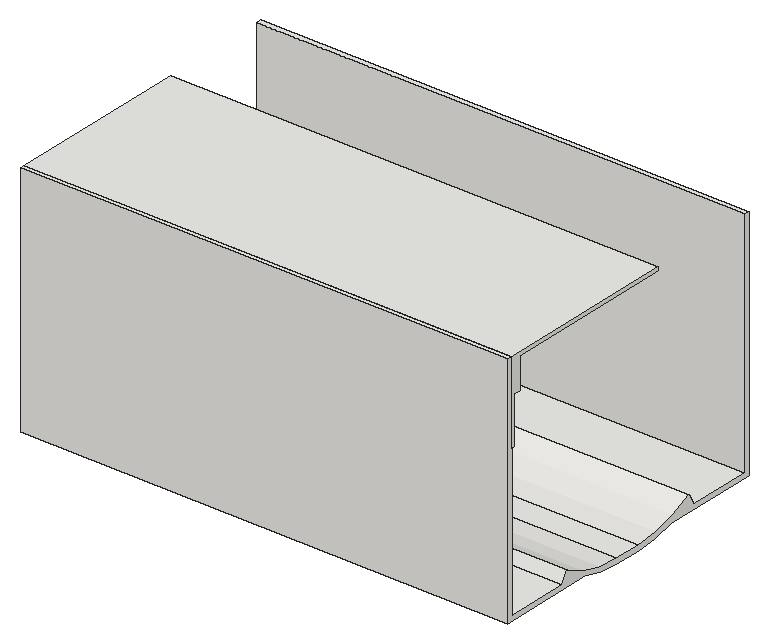
Revit family "Xtech_DécorSystems_CeilingRecess4", category Generic Models, Revit 2014
Parameters (values of type "Perimeos")
  WarrantyStartDate [instance] = "1900-12-31T23:59:59"
  WarrantyGuarantorParts = "info@decorsystems.co.uk"
  WarrantyGuarantorLabor = "info@decorsystems.co.uk"
  WarrantyDurationUnit = "year"
  WarrantyDurationParts = "5"
  WarrantyDurationLabor = "3"
  WarrantyDescription = "http://www.decorsystems.co.uk/pages/manufacturer-s-warranty"
  Version = "1"
  VD - Vertical Drylining [instance] = no
  Uniclass2 = "Pr_35_90_43_12"
  URL = "http://www.decorsystems.co.uk"
  Type Comments = "n/a"
  TagNumber [instance] = "n/a"
  SustainabilityPerformance = "n/a"
  Size = "n/a"
  Shape = "Inverted U channel"
  SerialNumber [instance] = "n/a"
  RightVoidAngle [instance] = 0.00°
  Revision = "n/a"
  ReplacementCost = "n/a"
  ProductInformation = "http://www.decorsystems.co.uk/products/perimeos-ceiling-recess"
  PT - Plain [instance] = no
  OnOffDB [instance] = if(or(Decorative Bridge, [DB & HD - Decorative Bridge], [DB & PT - Decorative Bridge], [DB & VD - Decorative Bridge]), 1 = 1, 0 = 1)  # no
  OnOffCU [instance] = if(or([CU - Curtain Track], [CU & HD - Curtain Track], [CU & PT - Curtain Track], [CU & VD - Curtain Track]), 1 = 1, 0 = 1)  # no
  NominalWidth = 130 mm
  NominalLength = 0 mm
  NominalHeight = 100 mm
  Name = "CeilingRecess_Perimeos_DecorSystems"
  NBSTypeID = "n/a"
  NBSReference = "45-75-95/405"
  NBSOfficeMasterTag = "n/a"
  NBSNote = "n/a"
  NBSDescription = "GeneralFittings,FurnishingsAndEquipmentSystem"
  NBSCertification = "n/a"
  ModelReference = "n/a"
  ModelNumber = "PRM01"
  Model = "n/a"
  Material = "Aluminium 6063 Alloy T6"
  ManufacturerURL = "http://www.decorsystems.co.uk/products/perimeos-ceiling-recess"
  ManufacturerName = "DecorSystems"
  Manufacturer = "info@decorsystems.co.uk"
  built-in parameter 1001306 [instance] = 200 mm
  LeftVoidAngle [instance] = 0.00°
  Keynote = "n/a"
  InstallationDate [instance] = "1900-12-31T23:59:59"
  IfcExportType = "DoorWindowShadingType"
  IfcExportAs = "IfcFurnishingElement"
  HD - Horizontal Drylining [instance] = no
  Grade = "n/a"
  Finish = "Polyester powder coated"
  Features = "Locking closure flap, SpeedClip blind mounting brackets. Note the PT (Plain Transition) can be used for drylining, or alternatively on top of box to fit to wall. Note that the beam must be supported at 1 metre intervals with the suspension bracket, as detailed in specification PDF"
  FP - Facia Profile [instance] = no
  ExpectedLife = "30"
  DurationUnit = "year"
  Description = "Perimeos Ceiling Recess for blinds and curtains"
  DB & VD - Decorative Bridge [instance] = no
  DB & PT - Decorative Bridge [instance] = no
  DB & HD - Decorative Bridge [instance] = no
  Decorative Bridge [instance] = no
  Cost = 0
  CU & HD - Curtain Track [instance] = no
  Constituents = "Ceiling Recess, with closure flap and interchangeable transition profiles"
  Color = "RAL 9016 Satin"
  CodePerformance = "n/a"
  Category = "Pr_35_90_43_12:CeilingPerimeterTrims"
  CU & VD - Curtain Track [instance] = no
  CU & PT - Curtain Track [instance] = no
  CU - Curtain Track [instance] = no
  CL - Closure [instance] = yes
  BodyMaterial [instance] = Xtech_DécorSystems_AluminiumAlloy_White_RAL9016
  BarCode [instance] = "n/a"
  BIMObjectName = "Xtech_DecorSystems_CeilingRecess_Perimeos"
  Author = "Excitech"
  AssetType = "Fixed"
  AssetIdentifier [instance] = "n/a"
  Assembly Code = "E2010310"
  AccessibilityPerformance = "n/a"
Reference planes
  plane 1 "Center (Front/Back)": y = 0
  plane 2: z = 0
  plane 3 "Left": x = 0
  plane 4 "Right": x = 200
  plane 5: y = -126.25
Lines and regions (mm)
  reference lines
    curve 1: line (0, 0, 0) -> (200, 0, 0)
Dimensions and locks
  "built-in parameter 1001306": plane 3 "Left" to plane 4 "Right"
  aligned and locked: plane 4 "Right" to curve 1
  aligned and locked: plane 1 "Center (Front/Back)" to curve 1
  aligned and locked: level to plane 2
  aligned and locked: nested 3 to nested 1
  aligned and locked: plane 5 to nested 4
  aligned and locked: nested 3 to nested 4
  aligned and locked: plane 5 to nested 5
  aligned and locked: nested 5 to plane 3 "Left"
  aligned and locked: plane 5 to nested 6
  aligned and locked: nested 7 to plane 5
  aligned and locked: plane 3 "Left" to nested 7
  aligned and locked: plane 3 "Left" to nested 8
  aligned and locked: nested 8 to plane 5
Automatic sketch dimensions
  curve 1 to plane 3 "Left" = 0 mm
Nested families
  nested 1: "Xtech_DécorSystems_MainProfile" at (0, -129, 0) x (1, 0, 0) z (0, 0, -1), Length <- "built-in parameter 1001306", RightVoidAngle <- "RightVoidAngle", LeftVoidAngle <- "LeftVoidAngle", type "MP"
    with WarrantyStartDate "1900-12-31T23:59:59", TagNumber "n/a", SerialNumber "n/a", RightVoidAngle 0.00°, Length 200 mm, LeftVoidAngle 0.00°, InstallationDate "1900-12-31T23:59:59", BarCode "n/a", AssetIdentifier "n/a"
  nested 2: "Xtech_DécorSystems_FasciaProfile" at (0, -126.25, 0) x (1, 0, 0) z (0, 0, -1), Length <- "built-in parameter 1001306", visible <- "FP - Facia Profile", RightVoidAngle <- "RightVoidAngle", LeftVoidAngle <- "LeftVoidAngle", type "FP"
    with WarrantyStartDate "1900-12-31T23:59:59", TagNumber "n/a", SerialNumber "n/a", RightVoidAngle 0.00°, Length 200 mm, LeftVoidAngle 0.00°, InstallationDate "1900-12-31T23:59:59", BarCode "n/a", AssetIdentifier "n/a"
  nested 3: "Xtech_DécorSystems_Closure" at (0, -49.25, 0) x (1, 0, 0) z (0, 0, -1), Length <- "built-in parameter 1001306", visible <- "CL - Closure", LeftVoidAngle <- "LeftVoidAngle", RightVoidAngle <- "RightVoidAngle", type "CL"
    with WarrantyStartDate "1900-12-31T23:59:59", TagNumber "n/a", SerialNumber "n/a", RightVoidAngle 0.00°, Length 200 mm, LeftVoidAngle 0.00°, InstallationDate "1900-12-31T23:59:59", BarCode "n/a", AssetIdentifier "n/a"
  nested 4: "Xtech_DécorSystems_HorizontalDrylining" at (0, -126.25, 0) x (1, 0, 0) z (0, 0, -1), Length <- "built-in parameter 1001306", visible <- "HD - Horizontal Drylining", RightVoidAngle <- "RightVoidAngle", LeftVoidAngle <- "LeftVoidAngle", type "HD"
    with WarrantyStartDate "1900-12-31T23:59:59", TagNumber "n/a", SerialNumber "n/a", RightVoidAngle 0.00°, Length 200 mm, LeftVoidAngle 0.00°, InstallationDate "1900-12-31T23:59:59", BarCode "n/a", AssetIdentifier "n/a"
  nested 5: "Xtech_DécorSystems_Plain" at (0, -126.25, 0) x (1, 0, 0) z (0, 0, -1), visible <- "PT - Plain", Length <- "built-in parameter 1001306", RightVoidAngle <- "RightVoidAngle", LeftVoidAngle <- "LeftVoidAngle", type "PT"
    with WarrantyStartDate "1900-12-31T23:59:59", TagNumber "n/a", SerialNumber "n/a", RightVoidAngle 0.00°, Length 200 mm, LeftVoidAngle 0.00°, InstallationDate "1900-12-31T23:59:59", BarCode "n/a", AssetIdentifier "n/a"
  nested 6: "Xtech_DécorSystems_VerticalDrylining" at (0, -126.25, 0) x (1, 0, 0) z (0, 0, -1), Length <- "built-in parameter 1001306", visible <- "VD - Vertical Drylining", LeftVoidAngle <- "LeftVoidAngle", RightVoidAngle <- "RightVoidAngle", type "VD"
    with WarrantyStartDate "1900-12-31T23:59:59", TagNumber "n/a", SerialNumber "n/a", RightVoidAngle 0.00°, Length 200 mm, LeftVoidAngle 0.00°, InstallationDate "1900-12-31T23:59:59", BarCode "n/a", AssetIdentifier "n/a"
  nested 7: "Xtech_DécorSystems_CurtainTrackAssembly" at (0, -126.25, 0), visible <- "OnOffCU", Length <- "built-in parameter 1001306", VD <- "CU & VD - Curtain Track", PT <- "CU & PT - Curtain Track", HD <- "CU & HD - Curtain Track", RightVoidAngle <- "RightVoidAngle", LeftVoidAngle <- "LeftVoidAngle", type "CU"
    with WarrantyStartDate "1900-12-31T23:59:59", VD no, TagNumber "n/a", SerialNumber "n/a", RightVoidAngle 0.00°, PT no, Length 200 mm, LeftVoidAngle 0.00°, InstallationDate "1900-12-31T23:59:59", HD no, BarCode "n/a", AssetIdentifier "n/a"
  nested 8: "Xtech_DécorSystems_DecorativeBridgeAssembly" at (0, -126.25, 0), Length <- "built-in parameter 1001306", visible <- "OnOffDB", VD <- "DB & VD - Decorative Bridge", PT <- "DB & PT - Decorative Bridge", HD <- "DB & HD - Decorative Bridge", RightVoidAngle <- "RightVoidAngle", LeftVoidAngle <- "LeftVoidAngle", type "DB"
    with WarrantyStartDate "1900-12-31T23:59:59", VD no, TagNumber "n/a", SerialNumber "n/a", RightVoidAngle 0.00°, PT no, NominalLength 1040 mm, Length 200 mm, LeftVoidAngle 0.00°, InstallationDate "1900-12-31T23:59:59", HD no, BarCode "n/a", AssetIdentifier "n/a"
Definition of nested family "Xtech_DécorSystems_MainProfile"
  Parameters (values of type "MP")
    Width = 129 mm  # constant formula
    WarrantyStartDate [instance] = "1900-12-31T23:59:59"
    WarrantyGuarantorParts = "n/a"
    WarrantyGuarantorLabor = "n/a"
    WarrantyDurationUnit = "year"
    WarrantyDurationParts = "n/a"
    WarrantyDurationLabor = "n/a"
    WarrantyDescription = "n/a"
    Version = "1"
    Uniclass2 = ""
    TagNumber [instance] = "n/a"
    SustainabilityPerformance = "n/a"
    Size = "n/a"
    Shape = "n/a"
    SerialNumber [instance] = "n/a"
    RightVoidAngle [instance] = 25.00°
    Revision = "n/a"
    ReplacementCost = "n/a"
    ProductInformation = ""
    NominalWidth = 0 mm
    NominalLength = 0 mm
    NominalHeight = 0 mm
    Name = ""
    NBSTypeID = ""
    NBSReference = ""
    NBSOfficeMasterTag = ""
    NBSNote = ""
    NBSDescription = ""
    NBSCertification = ""
    ModelReference = "n/a"
    ModelNumber = "n/a"
    Material = "n/a"
    ManufacturerURL = ""
    ManufacturerName = ""
    Length [instance] = 4000 mm
    LeftVoidAngle [instance] = 25.00°
    InstallationDate [instance] = "1900-12-31T23:59:59"
    IfcExportType = ""
    IfcExportAs = ""
    Height = 100 mm  # constant formula
    Grade = "n/a"
    Finish = "n/a"
    Features = "n/a"
    ExpectedLife = "n/a"
    DurationUnit = "year"
    Description = "NBS standard template"
    Constituents = "n/a"
    Color = "n/a"
    CodePerformance = "n/a"
    Category = "n/a"
    BodyMaterial = Xtech_DécorSystems_AluminiumAlloy_White_RAL9016
    BarCode [instance] = "n/a"
    BIMObjectName = "Role_Source_Type_Generic"
    Author = ""
    AssetType = ""
    AssetIdentifier [instance] = "n/a"
    AccessibilityPerformance = "n/a"
  Reference planes
    plane 1 "Center (Front/Back)": y = 0
    plane 2: z = 0
    plane 3 "Center (Left/Right)": x = 0
    plane 4 "Right": x = 4000
    plane 5: y = -129
    plane 6 "Top": z = 100
    plane 7: y = -2.75
    plane 8: y = -126.25
    plane 9: y = -124.25
    plane 10: y = -4.75
    plane 11: x = 0
    plane 12: x = -50
    plane 13: x = 4000
    plane 14: x = 4050
  Forms (mm)
    Sweep 1, solid, material "Xtech_DécorSystems_AluminiumAlloy_White_RAL9016" <- "BodyMaterial", detail levels medium+fine
      path origin (0, 0, 0) x (1, 0, 0) y (0, 1, 0)
        loop
          line (0, 0) -> (4000, 0)
      profile origin (2000, 0, 0) x (0, 1, 0) y (0, 0, 1)
        loop
          arc (-42.231, 97.25) -> (-50.504, 99.308) -> (-59, 100) r 52.5
          line (-59, 100) -> (-70, 100)
          arc (-70, 100) -> (-78.496, 99.308) -> (-86.769, 97.25) r 52.5
          line (-86.769, 97.25) -> (-126.25, 97.25) -> (-126.25, 0) -> (-124.25, 0) -> (-124.25, 95.25) -> (-98.215, 95.25) -> (-95.884, 90.862)
          arc (-95.884, 90.862) -> (-83.425, 96.183) -> (-70, 98) r 50.5
          line (-70, 98) -> (-59, 98)
          arc (-59, 98) -> (-45.575, 96.183) -> (-33.116, 90.862) r 50.5
          line (-33.116, 90.862) -> (-30.785, 95.25) -> (-4.75, 95.25) -> (-4.75, 0) -> (-2.75, 0) -> (-2.75, 97.25) -> (-42.231, 97.25)
    Extrusion 2, solid, material "Xtech_DécorSystems_AluminiumAlloy_White_RAL9016" <- "BodyMaterial", detail levels coarse
      sketch origin (0, 0, 0) x (1, 0, 0) y (0, 1, 0)
        loop
          line (0, -129) -> (4000, -129) -> (4000, 0) -> (0, 0) -> (0, -129)
      from 0 to 100
    Extrusion 3, void
      sketch origin (0, 0, 0) x (1, 0, 0) y (0, 1, 0)
        loop
          line (0, -129) -> (60.154, 0) -> (-50, 0) -> (-50, -129) -> (0, -129)
      from 0 to 200
    Extrusion 4, void
      sketch origin (0, 0, 0) x (1, 0, 0) y (0, 1, 0)
        loop
          line (4000, -129) -> (4050, -129) -> (4050, 0) -> (3939.846, 0) -> (4000, -129)
      from 0 to 250
  Cuts and joins
    Extrusion 3, Extrusion 4 cuts Sweep 1
    Extrusion 3, Extrusion 4 cuts Extrusion 2
  Lines and regions (mm)
    Masking region 1
      outline origin (0, 0, 100) x (0, 1, 0) y (-1, 0, 0)
        loop
          line (0, -60.154) -> (-129, 0) -> (-129, -4000) -> (0, -3939.846) -> (0, -60.154)
    Masking region 2
      outline origin (0, 0, 0) x (1, 0, 0) y (0, 0, 1)
        loop
          line (0, 100) -> (0, 0) -> (4000, 0) -> (4000, 100) -> (0, 100)
    Masking region 3, detail levels coarse
      outline origin (0, 0, 0) x (0, 1, 0) y (0, 0, 1)
        loop
          line (0, 100) -> (-129, 100) -> (-129, 0) -> (0, 0) -> (0, 100)
    Masking region 4, detail levels medium+fine
      outline origin (0, 0, 0) x (0, 1, 0) y (0, 0, 1)
        loop
          line (-35.633, 97.25) -> (-35.633, 99) -> (-32.133, 99) -> (-32.133, 100) -> (-37.633, 100) -> (-37.633, 97.25) -> (-42.231, 97.25)
          arc (-42.231, 97.25) -> (-50.504, 99.308) -> (-59, 100) r 52.5
          line (-59, 100) -> (-70, 100)
          arc (-70, 100) -> (-78.496, 99.308) -> (-86.769, 97.25) r 52.5
          line (-86.769, 97.25) -> (-91.367, 97.25) -> (-91.367, 100) -> (-96.867, 100) -> (-96.867, 99) -> (-93.367, 99) -> (-93.367, 97.25) -> (-120.8, 97.25) -> (-120.8, 99) -> (-118.8, 99) -> (-118.8, 100) -> (-122.8, 100) -> (-122.8, 97.25) -> (-129, 97.25) -> (-129, 91.75) -> (-128, 91.75) -> (-128, 95.25) -> (-126.25, 95.25) -> (-126.25, 67.567) -> (-128, 67.567) -> (-128, 69.567) -> (-129, 69.567) -> (-129, 62.067) -> (-128, 62.067) -> (-128, 65.567) -> (-126.25, 65.567) -> (-126.25, 37.883) -> (-128, 37.883) -> (-128, 39.883) -> (-129, 39.883) -> (-129, 32.383) -> (-128, 32.383) -> (-128, 35.883) -> (-126.25, 35.883) -> (-126.25, 8.2) -> (-128, 8.2) -> (-128, 10.2) -> (-129, 10.2) -> (-129, 6.2) -> (-126.25, 6.2) -> (-126.25, 0) -> (-124.25, 0) -> (-124.25, 6.2) -> (-121.5, 6.2) -> (-121.5, 10.2) -> (-122.5, 10.2) -> (-122.5, 8.2) -> (-124.25, 8.2) -> (-124.25, 35.883) -> (-122.5, 35.883) -> (-122.5, 32.383) -> (-121.5, 32.383) -> (-121.5, 39.883) -> (-122.5, 39.883) -> (-122.5, 37.883) -> (-124.25, 37.883) -> (-124.25, 65.567) -> (-122.5, 65.567) -> (-122.5, 62.067) -> (-121.5, 62.067) -> (-121.5, 69.567) -> (-122.5, 69.567) -> (-122.5, 67.567) -> (-124.25, 67.567) -> (-124.25, 95.25) -> (-122.5, 95.25) -> (-122.5, 91.75) -> (-121.5, 91.75) -> (-121.5, 95.25) -> (-91.822, 95.25)
          arc (-91.822, 95.25) -> (-94.358, 94.008) -> (-96.823, 92.63) r 52.5
          line (-96.823, 92.63) -> (-95.884, 90.862)
          arc (-95.884, 90.862) -> (-83.425, 96.183) -> (-70, 98) r 50.5
          line (-70, 98) -> (-59, 98)
          arc (-59, 98) -> (-45.575, 96.183) -> (-33.116, 90.862) r 50.5
          line (-33.116, 90.862) -> (-32.177, 92.63)
          arc (-32.177, 92.63) -> (-34.642, 94.008) -> (-37.178, 95.25) r 52.5
          line (-37.178, 95.25) -> (-7.5, 95.25) -> (-7.5, 91.75) -> (-6.5, 91.75) -> (-6.5, 95.25) -> (-4.75, 95.25) -> (-4.75, 67.567) -> (-6.5, 67.567) -> (-6.5, 69.567) -> (-7.5, 69.567) -> (-7.5, 62.067) -> (-6.5, 62.067) -> (-6.5, 65.567) -> (-4.75, 65.567) -> (-4.75, 37.883) -> (-6.5, 37.883) -> (-6.5, 39.883) -> (-7.5, 39.883) -> (-7.5, 32.383) -> (-6.5, 32.383) -> (-6.5, 35.883) -> (-4.75, 35.883) -> (-4.75, 8.2) -> (-6.5, 8.2) -> (-6.5, 10.2) -> (-7.5, 10.2) -> (-7.5, 6.2) -> (-4.75, 6.2) -> (-4.75, 0) -> (-2.75, 0) -> (-2.75, 6.2) -> (0, 6.2) -> (0, 10.2) -> (-1, 10.2) -> (-1, 8.2) -> (-2.75, 8.2) -> (-2.75, 35.883) -> (-1, 35.883) -> (-1, 32.383) -> (0, 32.383) -> (0, 39.883) -> (-1, 39.883) -> (-1, 37.883) -> (-2.75, 37.883) -> (-2.75, 65.567) -> (-1, 65.567) -> (-1, 62.067) -> (0, 62.067) -> (0, 69.567) -> (-1, 69.567) -> (-1, 67.567) -> (-2.75, 67.567) -> (-2.75, 95.25) -> (-1, 95.25) -> (-1, 91.75) -> (0, 91.75) -> (0, 97.25) -> (-6.2, 97.25) -> (-6.2, 100) -> (-10.2, 100) -> (-10.2, 99) -> (-8.2, 99) -> (-8.2, 97.25) -> (-35.633, 97.25)
    reference lines
      curve 1: line (0, -129, 0) -> (126.785, 142.892, 0)
      curve 2: line (4000, -129, 0) -> (3862.649, 165.55, 0)
  Dimensions and locks
    "Length": plane 4 "Right" to plane 3 "Center (Left/Right)"
    "Width": plane 5 to plane 1 "Center (Front/Back)"
    "Height": plane 6 "Top" to plane 2
    plane 1 "Center (Front/Back)" to Extrusion 2 = 129 mm
    locked: plane 11 to plane 3 "Center (Left/Right)" at 0
    locked: plane 12 to plane 11 at 50
    locked: plane 4 "Right" to plane 13 at 0
    plane 13 to plane 14 = 50 mm
    "LeftVoidAngle": angle curve 1 to plane 11
    "RightVoidAngle": angle plane 13 to curve 2
    aligned and locked: level to plane 2
    aligned and locked: plane 4 "Right" to Sweep 1 sketch curve
    aligned and locked: plane 1 "Center (Front/Back)" to Sweep 1 sketch curve
    aligned and locked: plane 3 "Center (Left/Right)" to Sweep 1 sketch curve
    aligned and locked: Sweep 1 sketch curve to level  (x2)
    aligned and locked: Extrusion 2 sketch curve to plane 3 "Center (Left/Right)"
    aligned and locked: plane 6 "Top" to Extrusion 2
    aligned and locked: plane 1 "Center (Front/Back)" to Masking region 1 sketch curve
    aligned and locked: plane 5 to Masking region 1 sketch curve
    aligned and locked: plane 3 "Center (Left/Right)" to Masking region 2 sketch curve
    aligned and locked: Masking region 2 sketch curve to level
    aligned and locked: Masking region 2 sketch curve to plane 6 "Top"
    aligned and locked: Masking region 3 sketch curve to Extrusion 2  (x4)
    aligned and locked: plane 4 "Right" to Extrusion 2
    aligned and locked: plane 4 "Right" to Masking region 2
    aligned and locked: plane 11 to curve 1
    aligned and locked: plane 5 to curve 1
    aligned and locked: Extrusion 3 sketch curve to curve 1
    aligned and locked: Extrusion 3 sketch curve to plane 1 "Center (Front/Back)"
    aligned and locked: Extrusion 3 sketch curve to plane 12
    aligned and locked: Extrusion 3 sketch curve to plane 5
    aligned and locked: Masking region 1 sketch curve to Extrusion 3
    aligned and locked: Extrusion 4 sketch curve to plane 5
    aligned and locked: Extrusion 4 sketch curve to plane 14
    aligned and locked: Extrusion 4 sketch curve to curve 2
    aligned and locked: Extrusion 4 sketch curve to plane 1 "Center (Front/Back)"
    aligned and locked: Masking region 1 sketch curve to Extrusion 4
  Automatic sketch dimensions
    Sweep 1 sketch curve to Sweep 1 sketch curve = 0 mm  (x5)
    Sweep 1 sketch curve to Sweep 1 sketch curve = 11.446 mm  (x2)
    Sweep 1 sketch curve to Sweep 1 sketch curve = 16.769 mm  (x2)
    Sweep 1 sketch curve to Sweep 1 sketch curve = 2.33 mm  (x2)
    Sweep 1 sketch curve to Sweep 1 sketch curve = 2 mm  (x3)
    Masking region 4 sketch curve to Masking region 4 sketch curve = 0 mm  (x24)
    Masking region 4 sketch curve to plane 5 = 0 mm  (x4)
    Masking region 4 sketch curve to level = 0 mm  (x2)
    Masking region 4 sketch curve to plane 6 "Top" = 0 mm  (x5)
    Masking region 4 sketch curve to plane 1 "Center (Front/Back)" = 0 mm  (x4)
    Masking region 4 sketch curve to Masking region 4 sketch curve = 1 mm  (x15)
    plane 5 to Masking region 4 sketch curve = 1 mm
    Masking region 4 sketch curve to Masking region 4 sketch curve = 2.75 mm
    Masking region 4 sketch curve to Masking region 4 sketch curve = 1.75 mm  (x14)
    Masking region 4 sketch curve to Masking region 4 sketch curve = 2 mm  (x36)
    Masking region 4 sketch curve to Masking region 4 sketch curve = 1.45 mm
    Masking region 4 sketch curve to plane 6 "Top" = 1 mm  (x4)
    Masking region 4 sketch curve to Masking region 4 sketch curve = 21.933 mm
    Masking region 4 sketch curve to plane 6 "Top" = 7.37 mm  (x2)
    Masking region 4 sketch curve to Masking region 4 sketch curve = 0.043 mm
    Masking region 4 sketch curve to plane 6 "Top" = 9.138 mm  (x2)
    Masking region 4 sketch curve to Masking region 4 sketch curve = 0.939 mm  (x2)
    Masking region 4 sketch curve to Masking region 4 sketch curve = 3.5 mm  (x11)
    Masking region 4 sketch curve to Masking region 4 sketch curve = 1.545 mm
    Masking region 4 sketch curve to Masking region 4 sketch curve = 4.598 mm  (x2)
    Masking region 4 sketch curve to plane 6 "Top" = 2 mm
    Masking region 4 sketch curve to Masking region 4 sketch curve = 16.769 mm  (x2)
    Masking region 4 sketch curve to Masking region 4 sketch curve = 11 mm
    Masking region 4 sketch curve to plane 6 "Top" = 2.75 mm
    Masking region 4 sketch curve to Masking region 4 sketch curve = 0.455 mm
    plane 1 "Center (Front/Back)" to Masking region 4 sketch curve = 10.2 mm
    plane 1 "Center (Front/Back)" to Masking region 4 sketch curve = 7.5 mm  (x3)
    Masking region 4 sketch curve to Masking region 4 sketch curve = 0.7 mm
    plane 1 "Center (Front/Back)" to Masking region 4 sketch curve = 4.75 mm
    plane 1 "Center (Front/Back)" to Masking region 4 sketch curve = 1 mm  (x6)
    level to Masking region 4 sketch curve = 6.2 mm  (x2)
    Masking region 4 sketch curve to Masking region 4 sketch curve = 22.183 mm  (x4)
    Masking region 4 sketch curve to plane 6 "Top" = 8.25 mm
    plane 4 "Right" to Extrusion 2 sketch curve = 0 mm
    plane 4 "Right" to Masking region 2 sketch curve = 0 mm
    profile plane to Sweep 1 sketch curve = 2.75 mm
    Sweep 1 sketch curve to Sweep 1 sketch curve = 11 mm
    level to Sweep 1 sketch curve = 47.5 mm
    Sweep 1 sketch curve to Sweep 1 sketch curve = 4.388 mm  (x2)
    Sweep 1 sketch curve to Sweep 1 sketch curve = 28.035 mm
    Sweep 1 sketch curve to Sweep 1 sketch curve = 43.362 mm
    Sweep 1 sketch curve to Sweep 1 sketch curve = 26.035 mm
    Extrusion 2 sketch curve to plane 5 = 0 mm
    plane 1 "Center (Front/Back)" to Extrusion 2 sketch curve = 0 mm
    curve 2 to plane 4 "Right" = 0 mm
    curve 2 to plane 5 = 0 mm
Definition of nested family "Xtech_DécorSystems_FasciaProfile"
  Parameters (values of type "FP")
    Width = 4.7 mm  # constant formula
    WarrantyStartDate [instance] = "1900-12-31T23:59:59"
    WarrantyGuarantorParts = "n/a"
    WarrantyGuarantorLabor = "n/a"
    WarrantyDurationUnit = "year"
    WarrantyDurationParts = "n/a"
    WarrantyDurationLabor = "n/a"
    WarrantyDescription = "n/a"
    Version = "1"
    Uniclass2 = ""
    TagNumber [instance] = "n/a"
    SustainabilityPerformance = "n/a"
    Size = "n/a"
    Shape = "n/a"
    SerialNumber [instance] = "n/a"
    RightVoidAngle [instance] = 45.00°
    Revision = "n/a"
    ReplacementCost = "n/a"
    ProductInformation = ""
    NominalWidth = 0 mm
    NominalLength = 0 mm
    NominalHeight = 0 mm
    Name = ""
    NBSTypeID = ""
    NBSReference = ""
    NBSOfficeMasterTag = ""
    NBSNote = ""
    NBSDescription = ""
    NBSCertification = ""
    ModelReference = "n/a"
    ModelNumber = "n/a"
    Material = "n/a"
    ManufacturerURL = ""
    ManufacturerName = ""
    Length [instance] = 4000 mm
    LeftVoidAngle [instance] = 45.00°
    InstallationDate [instance] = "1900-12-31T23:59:59"
    IfcExportType = ""
    IfcExportAs = ""
    Height = 94 mm  # constant formula
    Grade = "n/a"
    Finish = "n/a"
    Features = "n/a"
    ExpectedLife = "n/a"
    DurationUnit = "year"
    Description = "NBS standard template"
    Constituents = "n/a"
    Color = "n/a"
    CodePerformance = "n/a"
    Category = "n/a"
    BodyMaterial = Xtech_DécorSystems_AluminiumAlloy_White_RAL9016
    BarCode [instance] = "n/a"
    BIMObjectName = "Role_Source_Type_Generic"
    Author = ""
    AssetType = ""
    AssetIdentifier [instance] = "n/a"
    AccessibilityPerformance = "n/a"
  Reference planes
    plane 1 "Center (Front/Back)": y = 0
    plane 2: z = 0
    plane 3 "Center (Left/Right)": x = 0
    plane 4: z = 94
    plane 5 "Right": x = 4000
    plane 6: y = -4.7
    plane 7: y = 126.3
    plane 8: x = -50
    plane 9: y = 126.3
    plane 10: x = 4050
  Forms (mm)
    Sweep 1, solid, material "Xtech_DécorSystems_AluminiumAlloy_White_RAL9016" <- "BodyMaterial", detail levels medium+fine
      path origin (0, 0, 0) x (1, 0, 0) y (0, 1, 0)
        loop
          line (0, 0) -> (4000, 0)
      profile origin (2000, 0, 0) x (0, 1, 0) y (0, 0, 1)
        loop
          line (-4.7, 0) -> (0, 0) -> (0, 15.958) -> (-3.048, 15.958) -> (-3.048, 94) -> (-4.7, 94) -> (-4.7, 0)
    Extrusion 2, solid, material "Xtech_DécorSystems_AluminiumAlloy_White_RAL9016" <- "BodyMaterial", detail levels coarse
      sketch origin (0, 0, 0) x (0, 1, 0) y (0, 0, 1)
        loop
          line (-4.7, 94) -> (-4.7, 0) -> (-3.048, 0) -> (-3.048, 94) -> (-4.7, 94)
      from 0 to 4000
    Extrusion 3, void
      sketch origin (0, 0, 0) x (1, 0, 0) y (0, 1, 0)
        loop
          line (-50, 126.3) -> (-50, -4.7) -> (131, -4.7) -> (0, 126.3) -> (-50, 126.3)
      from 0 to 120
    Extrusion 4, void
      sketch origin (0, 0, 0) x (1, 0, 0) y (0, 1, 0)
        loop
          line (4000, 126.3) -> (3869, -4.7) -> (4050, -4.7) -> (4050, 126.3) -> (4000, 126.3)
      from 0 to 150
  Cuts and joins
    Extrusion 3, Extrusion 4 cuts Extrusion 2
    Extrusion 3, Extrusion 4 cuts Sweep 1
  Lines and regions (mm)
    Masking region 1, detail levels medium+fine
      outline origin (0, 0, 0) x (0, 1, 0) y (0, 0, 1)
        loop
          line (0, 1.662) -> (-3.048, 1.662) -> (-3.048, 14.295) -> (-1.496, 14.295) -> (-1.496, 9.309) -> (-0.388, 9.309) -> (-0.388, 15.958) -> (-3.048, 15.958) -> (-3.048, 85.135) -> (-0.388, 85.135) -> (-0.388, 91.784) -> (-1.496, 91.784) -> (-1.496, 86.797) -> (-3.048, 86.797) -> (-3.879, 94) -> (-4.7, 94) -> (-4.7, 0) -> (0, 0) -> (0, 1.662)
    Masking region 2, detail levels coarse
      outline origin (0, 0, 0) x (0, 1, 0) y (0, 0, 1)
        loop
          line (-4.7, 94) -> (-4.7, 0) -> (-3.048, 0) -> (-3.048, 94) -> (-4.7, 94)
    symbolic lines
      curve 1: line (131, -4.7, 0) -> (3869, -4.7, 0)
      curve 4: line (129.348, -3.048, 0) -> (131, -4.7, 0)
      curve 5: line (3870.652, -3.048, 0) -> (3869, -4.7, 0)
    reference lines
      curve 2: line (0, 126.3, 0) -> (201.525, -75.225, 0)
      curve 3: line (4000, 126.3, 0) -> (3349.462, -524.238, 0)
  Dimensions and locks
    "Length": plane 3 "Center (Left/Right)" to plane 5 "Right"
    "Height": plane 4 to plane 2
    "Width": plane 1 "Center (Front/Back)" to plane 6
    locked: plane 7 to plane 1 "Center (Front/Back)" at 126.3
    locked: plane 1 "Center (Front/Back)" to plane 9 at 126.3
    locked: plane 8 to plane 3 "Center (Left/Right)" at 50
    locked: plane 5 "Right" to plane 10 at 50
    "LeftVoidAngle": angle plane 3 "Center (Left/Right)" to curve 2
    "RightVoidAngle": angle curve 3 to plane 5 "Right"
    aligned and locked: level to plane 2
    aligned and locked: plane 5 "Right" to Sweep 1 sketch curve
    aligned and locked: plane 3 "Center (Left/Right)" to Sweep 1 sketch curve
    aligned and locked: plane 1 "Center (Front/Back)" to Sweep 1 sketch curve
    aligned and locked: profile plane to Sweep 1 sketch curve  (x2)
    aligned and locked: plane 4 to Sweep 1 sketch curve
    aligned and locked: Extrusion 2 sketch curve to plane 4
    aligned and locked: level to Extrusion 2 sketch curve
    aligned and locked: Extrusion 2 sketch curve to Sweep 1
    aligned and locked: plane 5 "Right" to Extrusion 2
    aligned and locked: Extrusion 2 to plane 3 "Center (Left/Right)"
    aligned and locked: Masking region 2 sketch curve to plane 6
    aligned and locked: plane 6 to Masking region 1 sketch curve
    aligned and locked: Extrusion 2 sketch curve to plane 6
    aligned and locked: plane 6 to Sweep 1 sketch curve
    aligned and locked: curve 1 to plane 6
    aligned and locked: plane 9 to curve 2
    aligned and locked: plane 3 "Center (Left/Right)" to curve 2
    aligned and locked: Extrusion 3 sketch curve to plane 8
    aligned and locked: Extrusion 3 sketch curve to plane 9
    aligned and locked: Extrusion 3 sketch curve to curve 2
    aligned and locked: Extrusion 3 sketch curve to plane 6
    aligned and locked: plane 9 to curve 3
    aligned and locked: plane 5 "Right" to curve 3
    aligned and locked: Extrusion 4 sketch curve to curve 3
    aligned and locked: Extrusion 4 sketch curve to plane 9
    aligned and locked: Extrusion 4 sketch curve to plane 10
    aligned and locked: cut or joined group of Sweep 1, Extrusion 3, Extrusion 4 to Extrusion 4 sketch curve
    aligned and locked: curve 3 to curve 1
    aligned and locked: curve 3 to curve 5
    aligned and locked: plane 6 to curve 5
    aligned and locked: curve 4 to cut or joined group of Sweep 1, Extrusion 3, Extrusion 4
    aligned and locked: cut or joined group of Sweep 1, Extrusion 3, Extrusion 4 to curve 4
    aligned and locked: curve 5 to cut or joined group of Sweep 1, Extrusion 3, Extrusion 4
  Automatic sketch dimensions
    Masking region 1 sketch curve to level = 0 mm
    Masking region 1 sketch curve to plane 4 = 0 mm
    Masking region 1 sketch curve to plane 1 "Center (Front/Back)" = 0 mm
    plane 1 "Center (Front/Back)" to Masking region 1 sketch curve = 0.388 mm  (x2)
    Masking region 1 sketch curve to Masking region 1 sketch curve = 1.108 mm
    plane 1 "Center (Front/Back)" to Masking region 1 sketch curve = 1.496 mm
    plane 6 to Masking region 1 sketch curve = 1.652 mm  (x2)
    Masking region 1 sketch curve to Masking region 1 sketch curve = 1.551 mm
    plane 6 to Masking region 1 sketch curve = 0.821 mm
    level to Masking region 1 sketch curve = 1.662 mm
    Masking region 1 sketch curve to Masking region 1 sketch curve = 7.646 mm
    Masking region 1 sketch curve to Masking region 1 sketch curve = 4.987 mm
    Masking region 1 sketch curve to Masking region 1 sketch curve = 1.662 mm  (x2)
    Masking region 1 sketch curve to plane 4 = 8.865 mm
    Masking region 1 sketch curve to plane 4 = 2.216 mm
    Masking region 2 sketch curve to level = 0 mm
    Masking region 2 sketch curve to plane 4 = 0 mm
    plane 6 to Masking region 2 sketch curve = 1.652 mm
    level to Sweep 1 sketch curve = 15.958 mm
    profile plane to Sweep 1 sketch curve = 3.048 mm
Definition of nested family "Xtech_DécorSystems_Closure"
  Parameters (values of type "CL")
    Width = 75 mm  # constant formula
    WarrantyStartDate [instance] = "1900-12-31T23:59:59"
    WarrantyGuarantorParts = "n/a"
    WarrantyGuarantorLabor = "n/a"
    WarrantyDurationUnit = "year"
    WarrantyDurationParts = "n/a"
    WarrantyDurationLabor = "n/a"
    WarrantyDescription = "n/a"
    Version = "1"
    Uniclass2 = ""
    TagNumber [instance] = "n/a"
    SustainabilityPerformance = "n/a"
    Size = "n/a"
    Shape = "n/a"
    SerialNumber [instance] = "n/a"
    RightVoidAngle [instance] = 30.00°
    Revision = "n/a"
    ReplacementCost = "n/a"
    ProductInformation = ""
    NominalWidth = 0 mm
    NominalLength = 0 mm
    NominalHeight = 0 mm
    Name = ""
    NBSTypeID = ""
    NBSReference = ""
    NBSOfficeMasterTag = ""
    NBSNote = ""
    NBSDescription = ""
    NBSCertification = ""
    ModelReference = "n/a"
    ModelNumber = "n/a"
    Material = "n/a"
    ManufacturerURL = ""
    ManufacturerName = ""
    Length [instance] = 4000 mm
    LeftVoidAngle [instance] = 28.00°
    InstallationDate [instance] = "1900-12-31T23:59:59"
    IfcExportType = ""
    IfcExportAs = ""
    Height = 33.7 mm  # constant formula
    Grade = "n/a"
    Finish = "n/a"
    Features = "n/a"
    ExpectedLife = "n/a"
    DurationUnit = "year"
    Description = "NBS standard template"
    Constituents = "n/a"
    Color = "n/a"
    CodePerformance = "n/a"
    Category = "n/a"
    BodyMaterial = Xtech_DécorSystems_AluminiumAlloy_White_RAL9016
    BarCode [instance] = "n/a"
    BIMObjectName = "Role_Source_Type_Generic"
    Author = ""
    AssetType = ""
    AssetIdentifier [instance] = "n/a"
    AccessibilityPerformance = "n/a"
  Reference planes
    plane 1 "Center (Front/Back)": y = 0
    plane 2: z = 0
    plane 3 "Center (Left/Right)": x = 0
    plane 4: x = 4000
    plane 5: y = -75
    plane 6: z = 33.7
    plane 7: y = 49.3
    plane 8: x = -50
    plane 9: x = 4050
  Forms (mm)
    Sweep 1, solid, material "Xtech_DécorSystems_AluminiumAlloy_White_RAL9016" <- "BodyMaterial", detail levels medium+fine
      path origin (0, 0, 0) x (1, 0, 0) y (0, 1, 0)
        loop
          line (0, 0) -> (4000, 0)
      profile origin (2000, 0, 0) x (0, 1, 0) y (0, 0, 1)
        loop
          line (-73.65, 33.683) -> (-75, 33.683) -> (-75, 0) -> (0, 0) -> (0, 1.5) -> (-70.75, 1.5) -> (-70.75, 14.4) -> (-73.65, 14.4) -> (-73.65, 33.683)
    Extrusion 2, solid, material "Xtech_DécorSystems_AluminiumAlloy_White_RAL9016" <- "BodyMaterial", detail levels coarse
      sketch origin (0, 0, 0) x (0, 1, 0) y (0, 0, 1)
        loop
          line (-75, 0) -> (0, 0) -> (0, 4.25) -> (-70.75, 4.25) -> (-70.75, 14.4) -> (-73.65, 14.4) -> (-73.65, 33.683) -> (-75, 33.683) -> (-75, 0)
      from 0 to 4000
    Extrusion 3, void
      sketch origin (0, 0, 0) x (1, 0, 0) y (0, 1, 0)
        loop
          line (-50, 49.3) -> (-50, -75) -> (66.091, -75) -> (0, 49.3) -> (-50, 49.3)
      from 0 to 1500
    Extrusion 4, void
      sketch origin (0, 0, 0) x (1, 0, 0) y (0, 1, 0)
        loop
          line (4000, 49.3) -> (3928.235, -75) -> (4050, -75) -> (4050, 49.3) -> (4000, 49.3)
      from 0 to 1500
  Cuts and joins
    Extrusion 3, Extrusion 4 cuts Sweep 1
    Extrusion 3, Extrusion 4 cuts Extrusion 2
  Lines and regions (mm)
    Masking region 1, detail levels medium+fine
      outline origin (0, 0, 0) x (0, 1, 0) y (0, 0, 1)
        loop
          line (-74.65, 8.4) -> (-73.65, 8.4) -> (-73.65, 12.9) -> (-72.25, 12.9) -> (-72.25, 1.5) -> (-75, 1.5) -> (-75, 0) -> (0, 0) -> (0, 1.5) -> (-6.2, 1.5) -> (-6.2, 4.25) -> (-10.2, 4.25) -> (-10.2, 3.25) -> (-8.2, 3.25) -> (-8.2, 1.5) -> (-35.89, 1.5) -> (-35.89, 3.25) -> (-31.39, 3.25) -> (-31.39, 4.25) -> (-39.89, 4.25) -> (-39.89, 3.25) -> (-37.89, 3.25) -> (-37.89, 1.5) -> (-70.75, 1.5) -> (-70.75, 14.4) -> (-73.65, 14.4) -> (-73.65, 33.683) -> (-74.65, 33.683) -> (-74.65, 8.4)
    Masking region 2, detail levels coarse
      outline origin (0, 0, 0) x (0, 1, 0) y (0, 0, 1)
        loop
          line (-75, 0) -> (0, 0) -> (0, 4.25) -> (-70.75, 4.25) -> (-70.75, 33.683) -> (-75, 33.683) -> (-75, 0)
    Masking region 3
      outline origin (0, 0, 0) x (1, 0, 0) y (0, 1, 0)
        loop
          line (66.091, -75) -> (3928.235, -75) -> (3971.537, 0) -> (26.213, 0) -> (66.091, -75)
    reference lines
      curve 1: line (0, 49.3, 0) -> (122.063, -180.266, 0)
      curve 2: line (4000, 49.3, 0) -> (3805, -288.45, 0)
  Dimensions and locks
    "Length": plane 4 to plane 3 "Center (Left/Right)"
    "Width": plane 1 "Center (Front/Back)" to plane 5
    "Height": plane 2 to plane 6
    locked: plane 7 to plane 1 "Center (Front/Back)" at 49.3
    locked: plane 8 to plane 3 "Center (Left/Right)" at 50
    locked: plane 4 to plane 9 at 50
    "LeftVoidAngle": angle plane 3 "Center (Left/Right)" to curve 1
    "RightVoidAngle": angle curve 2 to plane 4
    aligned and locked: level to plane 2
    aligned and locked: plane 4 to Sweep 1 sketch curve
    aligned and locked: plane 1 "Center (Front/Back)" to Sweep 1 sketch curve
    aligned and locked: plane 3 "Center (Left/Right)" to Sweep 1 sketch curve
    aligned and locked: Extrusion 2 sketch curve to plane 5
    aligned and locked: plane 1 "Center (Front/Back)" to Extrusion 2 sketch curve
    aligned and locked: plane 4 to Extrusion 2
    aligned and locked: Extrusion 2 to plane 3 "Center (Left/Right)"
    aligned and locked: Masking region 3 sketch curve to plane 5
    aligned and locked: Masking region 3 sketch curve to plane 1 "Center (Front/Back)"
    aligned and locked: curve 1 to Masking region 3 sketch curve
    aligned and locked: Extrusion 3 sketch curve to plane 8
    aligned and locked: Extrusion 3 sketch curve to plane 5
    aligned and locked: Extrusion 3 sketch curve to curve 1
    aligned and locked: Extrusion 4 sketch curve to plane 7
    aligned and locked: Extrusion 4 sketch curve to plane 9
    aligned and locked: Extrusion 4 sketch curve to curve 2
    aligned and locked: cut or joined group of Extrusion 2, Extrusion 3, Extrusion 4 to Extrusion 4 sketch curve
    aligned and locked: Masking region 3 sketch curve to curve 2
  Automatic sketch dimensions
    Sweep 1 sketch curve to level = 0 mm
    Sweep 1 sketch curve to profile plane = 0 mm
    Sweep 1 sketch curve to Sweep 1 sketch curve = 2.9 mm
    Sweep 1 sketch curve to Sweep 1 sketch curve = 1.5 mm
    Extrusion 2 sketch curve to level = 0 mm
    plane 6 to Extrusion 2 sketch curve = 0.017 mm
    plane 5 to Extrusion 2 sketch curve = 1.35 mm
    Extrusion 2 sketch curve to Extrusion 2 sketch curve = 2.9 mm
    Extrusion 2 sketch curve to Extrusion 2 sketch curve = 14.4 mm
    level to Extrusion 2 sketch curve = 4.25 mm
    Masking region 1 sketch curve to plane 5 = 0 mm
    Masking region 1 sketch curve to level = 0 mm
    Masking region 1 sketch curve to plane 1 "Center (Front/Back)" = 0 mm
    plane 6 to Masking region 1 sketch curve = 0.017 mm
    plane 5 to Masking region 1 sketch curve = 0.35 mm
    plane 5 to Masking region 1 sketch curve = 1.35 mm
    Masking region 1 sketch curve to Masking region 1 sketch curve = 1 mm  (x2)
    plane 5 to Masking region 1 sketch curve = 2.75 mm
    Masking region 1 sketch curve to Masking region 1 sketch curve = 1.5 mm  (x2)
    level to Masking region 1 sketch curve = 3.25 mm
    Masking region 1 sketch curve to Masking region 1 sketch curve = 30.86 mm
    Masking region 1 sketch curve to Masking region 1 sketch curve = 2 mm  (x4)
    Masking region 1 sketch curve to Masking region 1 sketch curve = 4.5 mm  (x2)
    level to Masking region 1 sketch curve = 4.25 mm
    plane 1 "Center (Front/Back)" to Masking region 1 sketch curve = 10.2 mm
    level to Masking region 1 sketch curve = 1.5 mm  (x4)
    Masking region 1 sketch curve to Masking region 1 sketch curve = 1.75 mm  (x2)
    Masking region 1 sketch curve to Masking region 1 sketch curve = 6.9 mm
    Masking region 2 sketch curve to plane 5 = 0 mm
    Masking region 2 sketch curve to plane 1 "Center (Front/Back)" = 0 mm
    Masking region 2 sketch curve to level = 0 mm
    level to Masking region 2 sketch curve = 4.25 mm
    plane 6 to Masking region 2 sketch curve = 0.017 mm
    Masking region 2 sketch curve to Masking region 2 sketch curve = 4.25 mm
    Extrusion 3 sketch curve to plane 3 "Center (Left/Right)" = 0 mm
    profile plane to Sweep 1 sketch curve = 70.75 mm
    Sweep 1 sketch curve to Sweep 1 sketch curve = 4.25 mm
    Sweep 1 sketch curve to Sweep 1 sketch curve = 12.9 mm
    Sweep 1 sketch curve to Sweep 1 sketch curve = 19.283 mm
    curve 1 to plane 3 "Center (Left/Right)" = 0 mm
    curve 2 to plane 4 = 0 mm
    curve 2 to plane 7 = 0 mm
    curve 1 to plane 7 = 0 mm
Definition of nested family "Xtech_DécorSystems_HorizontalDrylining"
  Parameters (values of type "HD")
    Width = 29 mm  # constant formula
    WarrantyStartDate [instance] = "1900-12-31T23:59:59"
    WarrantyGuarantorParts = "n/a"
    WarrantyGuarantorLabor = "n/a"
    WarrantyDurationUnit = "year"
    WarrantyDurationParts = "n/a"
    WarrantyDurationLabor = "n/a"
    WarrantyDescription = "n/a"
    Version = "1"
    Uniclass2 = ""
    TagNumber [instance] = "n/a"
    SustainabilityPerformance = "n/a"
    Size = "n/a"
    Shape = "n/a"
    SerialNumber [instance] = "n/a"
    RightVoidAngle [instance] = 22.00°
    Revision = "n/a"
    ReplacementCost = "n/a"
    ProductInformation = ""
    NominalWidth = 0 mm
    NominalLength = 0 mm
    NominalHeight = 0 mm
    Name = ""
    NBSTypeID = ""
    NBSReference = ""
    NBSOfficeMasterTag = ""
    NBSNote = ""
    NBSDescription = ""
    NBSCertification = ""
    ModelReference = "n/a"
    ModelNumber = "n/a"
    Material = "n/a"
    ManufacturerURL = ""
    ManufacturerName = ""
    Length [instance] = 4000 mm
    LeftVoidAngle [instance] = 29.00°
    InstallationDate [instance] = "1900-12-31T23:59:59"
    IfcExportType = ""
    IfcExportAs = ""
    Height = 35.4 mm  # constant formula
    Grade = "n/a"
    Finish = "n/a"
    Features = "n/a"
    ExpectedLife = "n/a"
    DurationUnit = "year"
    Description = "NBS standard template"
    Constituents = "n/a"
    Color = "n/a"
    CodePerformance = "n/a"
    Category = "n/a"
    BodyMaterial = Xtech_DécorSystems_AluminiumAlloy_White_RAL9016
    BarCode [instance] = "n/a"
    BIMObjectName = "Role_Source_Type_Generic"
    Author = ""
    AssetType = ""
    AssetIdentifier [instance] = "n/a"
    AccessibilityPerformance = "n/a"
  Reference planes
    plane 1 "Center (Front/Back)": y = 0
    plane 2: z = 0
    plane 3 "Center (Left/Right)": x = 0
    plane 4: x = 4000
    plane 5: y = -29
    plane 6: z = 35.4
    plane 7: y = 126.3
    plane 8: x = -50
    plane 9: x = 4050
  Forms (mm)
    Sweep 1, solid, material "Xtech_DécorSystems_AluminiumAlloy_White_RAL9016" <- "BodyMaterial", detail levels medium+fine
      path origin (0, 0, 0) x (1, 0, 0) y (0, 1, 0)
        loop
          line (0, 0) -> (4000, 0)
      profile origin (2000, 0, 0) x (0, 1, 0) y (0, 0, 1)
        loop
          line (-4.289, 14.531) -> (-4.289, 3.03) -> (-29, 3.03) -> (-29, 1.277) -> (-1.515, 1.277) -> (-1.515, 0) -> (0, 0) -> (0, 35.4) -> (-1.364, 35.4) -> (-1.364, 14.531) -> (-4.289, 14.531)
    Extrusion 2, solid, material "Xtech_DécorSystems_AluminiumAlloy_White_RAL9016" <- "BodyMaterial", detail levels coarse
      sketch origin (0, 0, 0) x (0, 1, 0) y (0, 0, 1)
        loop
          line (-29, 3.03) -> (-29, 0) -> (-2.8, 0) -> (-2.8, 35.4) -> (-4.289, 35.4) -> (-4.289, 3.03) -> (-29, 3.03)
      from 0 to 4000
    Extrusion 3, void
      sketch origin (0, 0, 0) x (1, 0, 0) y (0, 1, 0)
        loop
          line (0, 126.3) -> (-50, 126.3) -> (-50, -29) -> (86.084, -29) -> (0, 126.3)
      from 0 to 150
    Extrusion 4, void
      sketch origin (0, 0, 0) x (1, 0, 0) y (0, 1, 0)
        loop
          line (4000, 126.3) -> (3937.255, -29) -> (4050, -29) -> (4050, 126.3) -> (4000, 126.3)
      from 0 to 150
  Cuts and joins
    Extrusion 3, Extrusion 4 cuts Sweep 1
    Extrusion 3, Extrusion 4 cuts Extrusion 2
  Lines and regions (mm)
    Masking region 1, detail levels coarse
      outline origin (0, 0, 0) x (0, 1, 0) y (0, 0, 1)
        loop
          line (-29, 3.03) -> (-29, 0) -> (-2.8, 0) -> (-2.8, 35.4) -> (-4.289, 35.4) -> (-4.289, 3.03) -> (-29, 3.03)
    Masking region 2, detail levels medium+fine
      outline origin (0, 0, 0) x (0, 1, 0) y (0, 0, 1)
        loop
          line (-4.289, 14.531) -> (-4.289, 3.03) -> (-29, 3.03) -> (-29, 1.277) -> (-1.515, 1.277) -> (-1.515, 0) -> (0, 0) -> (0, 3.03) -> (-2.776, 3.03) -> (-2.776, 13.017) -> (-1.364, 13.017) -> (-1.364, 8.477) -> (-0.355, 8.477) -> (-0.355, 35.4) -> (-1.364, 35.4) -> (-1.364, 14.531) -> (-4.289, 14.531)
    Masking region 3
      outline origin (0, 0, 0) x (1, 0, 0) y (0, 1, 0)
        loop
          line (86.084, -29) -> (3937.255, -29) -> (3948.971, 0) -> (70.009, 0) -> (86.084, -29)
    reference lines
      curve 1: line (0, 126.3, 0) -> (155.139, -153.578, 0)
      curve 2: line (4000, 126.3, 0) -> (3827.681, -300.205, 0)
  Dimensions and locks
    "Length": plane 4 to plane 3 "Center (Left/Right)"
    "Width": plane 1 "Center (Front/Back)" to plane 5
    "Height": plane 6 to plane 2
    locked: plane 1 "Center (Front/Back)" to Masking region 1 sketch curve at 2.8
    locked: plane 7 to plane 1 "Center (Front/Back)" at 126.3
    locked: plane 8 to plane 3 "Center (Left/Right)" at 50
    locked: plane 4 to plane 9 at 50
    "LeftVoidAngle": angle plane 3 "Center (Left/Right)" to curve 1
    "RightVoidAngle": angle curve 2 to plane 4
    aligned and locked: level to plane 2
    aligned and locked: plane 4 to Sweep 1 sketch curve
    aligned and locked: plane 3 "Center (Left/Right)" to Sweep 1 sketch curve
    aligned and locked: plane 1 "Center (Front/Back)" to Sweep 1 sketch curve
    aligned and locked: Sweep 1 sketch curve to profile plane  (x2)
    aligned and locked: Sweep 1 sketch curve to plane 5
    aligned and locked: plane 6 to Sweep 1
    aligned and locked: plane 4 to Extrusion 2
    aligned and locked: Masking region 3 sketch curve to plane 5
    aligned and locked: Masking region 3 sketch curve to plane 1 "Center (Front/Back)"
    aligned and locked: Extrusion 2 sketch curve to Masking region 1
    aligned and locked: curve 1 to Masking region 3 sketch curve
    aligned and locked: Extrusion 3 sketch curve to plane 7
    aligned and locked: Extrusion 3 sketch curve to curve 1
    aligned and locked: Extrusion 3 sketch curve to plane 5
    aligned and locked: Extrusion 3 sketch curve to plane 8
    aligned and locked: Masking region 3 sketch curve to curve 2
    aligned and locked: Extrusion 4 sketch curve to curve 2
    aligned and locked: Extrusion 4 sketch curve to plane 9
    aligned and locked: cut or joined group of Extrusion 2, Extrusion 3, Extrusion 4 to Extrusion 4 sketch curve
    aligned and locked: Extrusion 4 sketch curve to plane 7
  Automatic sketch dimensions
    Sweep 1 sketch curve to Sweep 1 sketch curve = 1.515 mm
    level to Sweep 1 sketch curve = 3.03 mm
    level to Sweep 1 sketch curve = 1.277 mm
    Sweep 1 sketch curve to Sweep 1 sketch curve = 34.123 mm
    Sweep 1 sketch curve to Sweep 1 sketch curve = 20.869 mm
    level to Extrusion 2 sketch curve = 3.03 mm
    Extrusion 2 sketch curve to plane 6 = 0 mm
    Extrusion 2 sketch curve to plane 5 = 0 mm
    Extrusion 2 sketch curve to level = 0 mm
    plane 1 "Center (Front/Back)" to Extrusion 2 sketch curve = 4.289 mm
    Masking region 1 sketch curve to plane 5 = 0 mm
    Masking region 1 sketch curve to plane 6 = 0 mm
    Masking region 1 sketch curve to level = 0 mm
    plane 1 "Center (Front/Back)" to Masking region 1 sketch curve = 4.289 mm
    level to Masking region 1 sketch curve = 3.03 mm
    Masking region 2 sketch curve to plane 5 = 0 mm
    Masking region 2 sketch curve to level = 0 mm
    Masking region 2 sketch curve to plane 6 = 0 mm
    Masking region 2 sketch curve to plane 1 "Center (Front/Back)" = 0 mm
    plane 1 "Center (Front/Back)" to Masking region 2 sketch curve = 4.289 mm
    Masking region 2 sketch curve to Masking region 2 sketch curve = 1.513 mm  (x2)
    plane 1 "Center (Front/Back)" to Masking region 2 sketch curve = 1.515 mm
    plane 1 "Center (Front/Back)" to Masking region 2 sketch curve = 1.364 mm  (x2)
    plane 1 "Center (Front/Back)" to Masking region 2 sketch curve = 0.355 mm
    level to Masking region 2 sketch curve = 1.277 mm
    level to Masking region 2 sketch curve = 3.03 mm
    Masking region 2 sketch curve to Masking region 2 sketch curve = 1.753 mm
    Masking region 2 sketch curve to Masking region 2 sketch curve = 5.448 mm
    Masking region 2 sketch curve to Masking region 2 sketch curve = 4.54 mm
    profile plane to Sweep 1 sketch curve = 4.289 mm
    Sweep 1 sketch curve to Sweep 1 sketch curve = 1.364 mm
    curve 1 to plane 3 "Center (Left/Right)" = 0 mm
    curve 2 to plane 4 = 0 mm
    plane 7 to curve 2 = 0 mm
    plane 7 to curve 1 = 0 mm
Definition of nested family "Xtech_DécorSystems_Plain"
  Parameters (values of type "PT")
    Width = 25 mm  # constant formula
    WarrantyStartDate [instance] = "1900-12-31T23:59:59"
    WarrantyGuarantorParts = "n/a"
    WarrantyGuarantorLabor = "n/a"
    WarrantyDurationUnit = "year"
    WarrantyDurationParts = "n/a"
    WarrantyDurationLabor = "n/a"
    WarrantyDescription = "n/a"
    Version = "1"
    Uniclass2 = ""
    TagNumber [instance] = "n/a"
    SustainabilityPerformance = "n/a"
    Size = "n/a"
    Shape = "n/a"
    SerialNumber [instance] = "n/a"
    RightVoidAngle [instance] = 23.00°
    Revision = "n/a"
    ReplacementCost = "n/a"
    ProductInformation = ""
    NominalWidth = 0 mm
    NominalLength = 0 mm
    NominalHeight = 0 mm
    Name = ""
    NBSTypeID = ""
    NBSReference = ""
    NBSOfficeMasterTag = ""
    NBSNote = ""
    NBSDescription = ""
    NBSCertification = ""
    ModelReference = "n/a"
    ModelNumber = "n/a"
    Material = "n/a"
    ManufacturerURL = ""
    ManufacturerName = ""
    Length [instance] = 4000 mm
    LeftVoidAngle [instance] = 25.00°
    InstallationDate [instance] = "1900-12-31T23:59:59"
    IfcExportType = ""
    IfcExportAs = ""
    Height = 36 mm  # constant formula
    Grade = "n/a"
    Finish = "n/a"
    Features = "n/a"
    ExpectedLife = "n/a"
    DurationUnit = "year"
    Description = "NBS standard template"
    Constituents = "n/a"
    Color = "n/a"
    CodePerformance = "n/a"
    Category = "n/a"
    BodyMaterial = Xtech_DécorSystems_AluminiumAlloy_White_RAL9016
    BarCode [instance] = "n/a"
    BIMObjectName = "Role_Source_Type_Generic"
    Author = ""
    AssetType = ""
    AssetIdentifier [instance] = "n/a"
    AccessibilityPerformance = "n/a"
  Reference planes
    plane 1 "Center (Front/Back)": y = 0
    plane 2: z = 0
    plane 3 "Center (Left/Right)": x = 0
    plane 4: x = 4000
    plane 5: y = -25
    plane 6: z = 36
    plane 7: y = 126.3
    plane 8: x = -50
    plane 9: x = 4050
  Forms (mm)
    Sweep 1, solid, material "Xtech_DécorSystems_AluminiumAlloy_White_RAL9016" <- "BodyMaterial", detail levels medium+fine
      path origin (0, 0, 0) x (1, 0, 0) y (0, 1, 0)
        loop
          line (4000, 0) -> (0, 0)
      profile origin (2000, 0, 0) x (0, -1, 0) y (0, 0, 1)
        loop
          line (25, 1.513) -> (4.303, 1.513) -> (4.303, 14.529) -> (1.377, 14.529) -> (1.377, 36) -> (0, 36) -> (0, 0) -> (25, 0) -> (25, 1.513)
    Extrusion 2, solid, material "Xtech_DécorSystems_AluminiumAlloy_White_RAL9016" <- "BodyMaterial", detail levels coarse
      sketch origin (0, 0, 0) x (0, 1, 0) y (0, 0, 1)
        loop
          line (-25, 1.513) -> (-25, 0) -> (-2.8, 0) -> (-2.8, 36) -> (-4.303, 36) -> (-4.303, 1.513) -> (-25, 1.513)
      from 0 to 4000
    Extrusion 3, void
      sketch origin (0, 0, 0) x (1, 0, 0) y (0, 1, 0)
        loop
          line (4000, 126.3) -> (3935.777, -25) -> (4050, -25) -> (4050, 126.3) -> (4000, 126.3)
      from 0 to 150
    Extrusion 4, void
      sketch origin (0, 0, 0) x (1, 0, 0) y (0, 1, 0)
        loop
          line (-50, 126.3) -> (-50, -25) -> (70.552, -25) -> (0, 126.3) -> (-50, 126.3)
      from 0 to 150
  Cuts and joins
    Extrusion 3, Extrusion 4 cuts Sweep 1
    Extrusion 3, Extrusion 4 cuts Extrusion 2
  Lines and regions (mm)
    Masking region 1
      outline origin (0, 0, 0) x (1, 0, 0) y (0, 1, 0)
        loop
          line (70.552, -25) -> (3935.777, -25) -> (3945.2, -2.8) -> (60.2, -2.8) -> (70.552, -25)
    Masking region 2, detail levels medium+fine
      outline origin (0, 0, 0) x (0, 1, 0) y (0, 0, 1)
        loop
          line (-25, 1.513) -> (-25, 0) -> (0, 0) -> (0, 1.513) -> (-2.789, 1.513) -> (-2.789, 13.016) -> (-1.377, 13.016) -> (-1.377, 8.475) -> (-0.368, 8.475) -> (-0.368, 36) -> (-1.377, 36) -> (-1.377, 14.529) -> (-4.303, 14.529) -> (-4.303, 1.513) -> (-25, 1.513)
    Masking region 3, detail levels coarse
      outline origin (0, 0, 0) x (0, 1, 0) y (0, 0, 1)
        loop
          line (-25, 1.513) -> (-25, 0) -> (-2.8, 0) -> (-2.8, 36) -> (-4.303, 36) -> (-4.303, 1.513) -> (-25, 1.513)
    reference lines
      curve 1: line (0, 126.3, 0) -> (160.595, -218.097, 0)
      curve 2: line (4000, 126.3, 0) -> (3863.244, -195.877, 0)
  Dimensions and locks
    "Length": plane 3 "Center (Left/Right)" to plane 4
    "Height": plane 6 to plane 2
    "Width": plane 1 "Center (Front/Back)" to plane 5
    locked: plane 1 "Center (Front/Back)" to Masking region 1 sketch curve at 2.8
    locked: plane 1 "Center (Front/Back)" to plane 7 at 126.3
    locked: plane 8 to plane 3 "Center (Left/Right)" at 50
    plane 4 to plane 9 = 50 mm
    "LeftVoidAngle": angle plane 3 "Center (Left/Right)" to curve 1
    "RightVoidAngle": angle curve 2 to plane 4
    aligned and locked: level to plane 2
    aligned and locked: plane 3 "Center (Left/Right)" to Sweep 1 sketch curve
    aligned and locked: plane 4 to Sweep 1 sketch curve
    aligned and locked: Sweep 1 sketch curve to plane 6
    aligned and locked: profile plane to Sweep 1 sketch curve
    aligned and locked: Sweep 1 sketch curve to plane 5
    aligned and locked: Sweep 1 sketch curve to profile plane
    aligned and locked: Extrusion 2 to plane 3 "Center (Left/Right)"
    aligned and locked: Extrusion 2 to plane 4
    aligned and locked: Sweep 1 to Masking region 1 sketch curve
    aligned and locked: curve 1 to Masking region 1 sketch curve
    aligned and locked: Masking region 1 sketch curve to curve 2
    aligned and locked: Extrusion 3 sketch curve to curve 2
    aligned and locked: Extrusion 3 sketch curve to plane 7
    aligned and locked: Extrusion 2 to Extrusion 3 sketch curve
    aligned and locked: Extrusion 3 sketch curve to plane 9
    aligned and locked: Extrusion 4 sketch curve to plane 8
    aligned and locked: Extrusion 4 sketch curve to plane 5
    aligned and locked: Extrusion 4 sketch curve to plane 7
    aligned and locked: Extrusion 4 sketch curve to curve 1
  Automatic sketch dimensions
    plane 1 "Center (Front/Back)" to Sweep 1 sketch curve = 0 mm
    Sweep 1 sketch curve to profile plane = 1.377 mm
    level to Sweep 1 sketch curve = 1.513 mm
    Extrusion 2 sketch curve to level = 0 mm
    Extrusion 2 sketch curve to plane 5 = 0 mm
    Extrusion 2 sketch curve to plane 6 = 0 mm
    plane 1 "Center (Front/Back)" to Extrusion 2 sketch curve = 4.303 mm
    Extrusion 2 sketch curve to Extrusion 2 sketch curve = 1.513 mm
    Masking region 2 sketch curve to level = 0 mm
    Masking region 2 sketch curve to plane 5 = 0 mm
    Masking region 2 sketch curve to plane 6 = 0 mm
    Masking region 2 sketch curve to plane 1 "Center (Front/Back)" = 0 mm
    plane 1 "Center (Front/Back)" to Masking region 2 sketch curve = 4.303 mm
    Masking region 2 sketch curve to Masking region 2 sketch curve = 1.513 mm  (x2)
    plane 1 "Center (Front/Back)" to Masking region 2 sketch curve = 1.377 mm  (x2)
    plane 1 "Center (Front/Back)" to Masking region 2 sketch curve = 0.368 mm
    level to Masking region 2 sketch curve = 1.513 mm  (x2)
    Masking region 2 sketch curve to Masking region 2 sketch curve = 6.962 mm
    Masking region 2 sketch curve to Masking region 2 sketch curve = 4.54 mm
    Masking region 3 sketch curve to plane 5 = 0 mm
    Masking region 3 sketch curve to plane 6 = 0 mm
    Masking region 3 sketch curve to level = 0 mm
    plane 1 "Center (Front/Back)" to Masking region 3 sketch curve = 2.8 mm
    level to Masking region 3 sketch curve = 1.513 mm
    plane 1 "Center (Front/Back)" to Masking region 3 sketch curve = 4.303 mm
    Extrusion 2 sketch curve to Extrusion 2 sketch curve = 1.503 mm
    Sweep 1 sketch curve to Sweep 1 sketch curve = 2.926 mm
    Sweep 1 sketch curve to Sweep 1 sketch curve = 13.016 mm
    curve 1 to plane 3 "Center (Left/Right)" = 0 mm
    curve 2 to plane 4 = 0 mm
    curve 2 to plane 7 = 0 mm
    curve 1 to plane 7 = 0 mm
Definition of nested family "Xtech_DécorSystems_VerticalDrylining"
  Parameters (values of type "VD")
    Width = 22 mm  # constant formula
    WarrantyStartDate [instance] = "1900-12-31T23:59:59"
    WarrantyGuarantorParts = "n/a"
    WarrantyGuarantorLabor = "n/a"
    WarrantyDurationUnit = "year"
    WarrantyDurationParts = "n/a"
    WarrantyDurationLabor = "n/a"
    WarrantyDescription = "n/a"
    Version = "1"
    Uniclass2 = ""
    TagNumber [instance] = "n/a"
    SustainabilityPerformance = "n/a"
    Size = "n/a"
    Shape = "n/a"
    SerialNumber [instance] = "n/a"
    RightVoidAngle [instance] = 25.00°
    Revision = "n/a"
    ReplacementCost = "n/a"
    ProductInformation = ""
    NominalWidth = 0 mm
    NominalLength = 0 mm
    NominalHeight = 0 mm
    Name = ""
    NBSTypeID = ""
    NBSReference = ""
    NBSOfficeMasterTag = ""
    NBSNote = ""
    NBSDescription = ""
    NBSCertification = ""
    ModelReference = "n/a"
    ModelNumber = "n/a"
    Material = "n/a"
    ManufacturerURL = ""
    ManufacturerName = ""
    Length [instance] = 4000 mm
    LeftVoidAngle [instance] = 30.00°
    InstallationDate [instance] = "1900-12-31T23:59:59"
    IfcExportType = ""
    IfcExportAs = ""
    Height = 35.7 mm  # constant formula
    Grade = "n/a"
    Finish = "n/a"
    Features = "n/a"
    ExpectedLife = "n/a"
    DurationUnit = "year"
    Description = "NBS standard template"
    Constituents = "n/a"
    Color = "n/a"
    CodePerformance = "n/a"
    Category = "n/a"
    BodyMaterial = Xtech_DécorSystems_AluminiumAlloy_White_RAL9016
    BarCode [instance] = "n/a"
    BIMObjectName = "Role_Source_Type_Generic"
    Author = ""
    AssetType = ""
    AssetIdentifier [instance] = "n/a"
    AccessibilityPerformance = "n/a"
  Reference planes
    plane 1 "Center (Front/Back)": y = 0
    plane 2: z = 0
    plane 3 "Center (Left/Right)": x = 0
    plane 4: x = 4000
    plane 5: z = 35.7
    plane 6: y = -22
    plane 7: x = -50
    plane 8: x = 4050
    plane 9: y = 126.3
